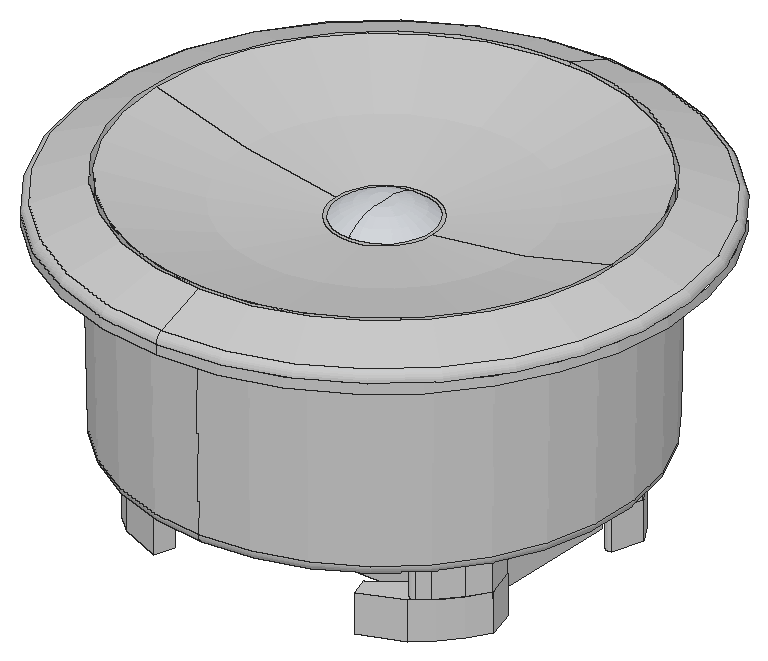
Revit family "Excitech_Delmatic_LightingControlModule_163A1-DaliPresenceDetector", category Electrical Equipment, host Face, Revit 2013
Parameters
  Wattage = "70mW"
  WarrantyStartDate = "n/a"
  WarrantyGuarantorParts = "support@delmatic.com"
  WarrantyGuarantorLabor = "support@delmatic.com"
  WarrantyDurationUnit = "year"
  WarrantyDurationParts = "8"
  WarrantyDurationLabor = "1"
  WarrantyDescription = "Warranty allows for free of charge factory repair or replacement of any parts proving to be faulty provided they have been installed and operated correctly."
  Voltage = "18"
  Version = "4"
  UnitMaterial = ABS Plastic
  Uniclass2 = "Ac-45-65-47"
  Uniclass1 = "G543"
  URL = "http://www.delmatic.com/systems/products/metro-dali-sensors-multisensors"
  Type Comments = "n/a"
  TimeConstant = "Software Configurable"
  TagNumber = "n/a"
  SustainabilityPerformance = "The module is designed to maximise sustainability through the use of modular electronics which enable products to be upgraded with 90% of the unit being re-used."
  Size = "Compact"
  Shape = "Rectangular"
  SerialNumber = "n/a"
  Revision = "3"
  ReplacementCost = "n/a"
  ProductInformation = "http://www.delmatic.com/systems/products/metro-dali-sensors-multisensors"
  NumberOfOpenings = "n/a"
  NumberOfDoors = "n/a"
  NominalWidth = 50 mm
  NominalLength = 50 mm
  NominalHeight = 35 mm
  Name = "Dali Multisensor"
  NBSTypeID = "n/a"
  NBSReference = "70-80-35/110"
  NBSOfficeMasterTag = "n/a"
  NBSNote = "n/a"
  NBSDescription = "Hard wired general lighting system"
  NBSCertification = "n/a"
  MovementSensingType = "Passive Infra Red"
  ModelReference = "Multisensor 164A1"
  ModelNumber = "164A1"
  Model = "163A1, Dali presence detector"
  Material = "Flame retardant ABS enclosure"
  ManufacturerURL = "www.delmatic.com/contact"
  Manufacturer = "Delmatic Lighting Management"
  Mains Type = "Single phase"
  MCB Rating = 10 A
  Keynote = "n/a"
  IsMain = "n/a"
  InstallationDate = "n/a"
  IfcTypeObject = "IfcBuildingElementProxy"
  IfcExportType = "NOTDEFINED"
  IfcExportAs = "IfcElectricDistributionPoint"
  Grade = "n/a"
  Finish = "Moulded enclosure"
  Features = "Ultra low-profile sensor.\r\nUltra-small diameter bezel.\r\nFully-software configurable for time-out period and daylight level thresholds.\r\nSoftware configurable presence or absence detection mode.\r\nIntegral infra-red receiver for remote control. \r\nConnect to Dali Plug-in Module or direct to Dali buswire."
  ExpectedLife = "20"
  DurationUnit = "year"
  Description = "The Dali Multisensor combines presence and absence detection with daylight linking within an ultra-low profile and compact diameter unit.  The multisensor is fully software-configurable and all operating parameters including time-out period, daylight thresholds, etc are configured through graphical Lightscape software."
  Default Elevation = 0 mm
  Constituents = "Modular unit comprises single-fix sensor with spring-clip mountings."
  Color = "RAL 9002"
  CodePerformance = "n/a"
  Category = "Ac-45-65-47"
  CaseWeight = "n/a"
  CaseMaterial = "n/a"
  Bussing = "n/a"
  BarCode = "n/a"
  BIMObjectName = "Excitech_Delmatic_LightingControlModule_DaliPresenceDetector_163A1"
  Author_mtrl = "n/a"
  Author = "Excitech Ltd"
  AssetType = "Fixed"
  AssetIdentifier = "n/a"
  AccessibilityPerformance = "n/a"
Reference planes
  plane 1 "Center (Front/Back)": y = 0
  plane 2: z = 0
  plane 3 "Center (Left/Right)": x = 0
Forms (mm)
  Revolve 1, solid, material "ABS Plastic" <- "UnitMaterial", detail levels medium+fine
    sketch origin (0, 0, -12.052) x (1, 0, 0) y (0, 0, 1)
      loop
        arc (-0.033, 11.785) -> (-11.682, 12.909) -> (-23.05, 15.684) r 81.776
        line (-23.05, 15.684) -> (-23.05, 14.634)
        arc (-23.05, 14.634) -> (-11.678, 11.894) -> (-0.033, 10.784) r 82.776
        line (-0.033, 10.784) -> (-0.033, 11.785)
      axis (0, 15.684) -> (0, 10.784)
    angle from 0 to 360
  Extrusion 2, void
    sketch origin (0, 0, 0) x (1, 0, 0) y (0, 1, 0)
      loop
        circle (0, 0) r 23.907
    from -27.102 to 0
  Extrusion 3, solid, detail levels coarse
    sketch origin (0, 0, 0) x (1, 0, 0) y (0, 1, 0)
      loop
        circle (0, 0) r 28.829
    from 5 to -27.102
  Revolve 4, solid, detail levels medium+fine
    sketch origin (0, 0, 0) x (0, 1, 0) y (0, 0, 1)
      loop
        line (0, 0) -> (0, 1.427)
        arc (0, 1.427) -> (-2.411, 1.163) -> (-4.54, 0) r 6.242
        line (-4.54, 0) -> (0, 0)
      axis (0, 1.427) -> (0, 0)
    angle from 0 to 360
Cuts and joins
  Extrusion 2 cuts Revolve 1
Lines and regions (mm)
  symbolic lines, not visible, detail levels coarse
    curve 1: line (-28.829, 0, 3.632) -> (28.829, 0, 3.632)
    curve 2: line (-28.829, 0, -27.102) -> (-28.829, 0, 3.632)
    curve 3: line (28.829, 0, -27.102) -> (-28.829, 0, -27.102)
    curve 4: line (28.829, 0, 3.632) -> (28.829, 0, -27.102)
  symbolic lines, detail levels medium+fine
    curve 5: circle (0, 0, 0) r 12.593 normal (0, 0, 1)
    curve 6: circle (0, 0, 0) r 9.075 normal (0, 0, 1)
Text (mm)
  text "LINE" at (5781.321, 1122.857, 0), in view "Ref. Level 1to50"
  text "LINE" at (5781.321, 582.857, 0), in view "Ref. Level 1to50"
  text "LINE" at (5781.321, -137.143, 0), in view "Ref. Level 1to50"
  text "LINE" at (5781.321, -617.143, 0), in view "Ref. Level 1to50"
  text "LINE" at (5781.321, -1237.143, 0), in view "Ref. Level 1to50"
  text "LINE" at (5781.321, -1857.143, 0), in view "Ref. Level 1to50"
  text "LINE" at (5781.321, -2597.143, 0), in view "Ref. Level 1to50"
  text "LINE" at (5781.321, -3257.143, 0), in view "Ref. Level 1to50"
Dimensions and locks
  aligned and locked: plane 2 to host face
  aligned and locked: level to host face
Nested families
  nested 1: "Delmatic - Dali Sensor Enclosure" at (0, 0, 0), type "Delmatic - Dali Sensor Enclosure", detail levels medium+fine
Connectors
  electrical at (0, 0, 0)
    settings: index 1, voltage 0 V, apparent load 0 VA, apparent load phase1 0 VA, apparent load phase2 0 VA, apparent load phase3 0 VA, power factor 1, load classification "Other", number of poles 1, system type 30, power factor state 1, is connector primary yes, connector utility no, sub classification motor no, connector description "DALI"
Definition of nested family "Delmatic - Dali Sensor Enclosure"
  Parameters (values of type "Delmatic - Dali Sensor Enclosure")
    WarrantyStartDate = ""
    WarrantyGuarantorParts = ""
    WarrantyGuarantorLabor = ""
    WarrantyDurationUnit = ""
    WarrantyDurationParts = ""
    WarrantyDurationLabor = ""
    WarrantyDescription = ""
    Version = ""
    UnitMaterial = ABS Plastic
    Uniclass2 = ""
    Uniclass1 = ""
    TagNumber = ""
    SustainabilityPerformance = ""
    Size = ""
    Shape = ""
    SerialNumber = ""
    Revision = ""
    ReplacementCost = ""
    ProductInformation = ""
    NominalWidth = 0 mm
    NominalLength = 0 mm
    NominalHeight = 0 mm
    Name = ""
    NBSTypeID = ""
    NBSReference = ""
    NBSOfficeMasterTag = ""
    NBSNote = ""
    NBSDescription = ""
    NBSCertification = ""
    ModelReference = ""
    ModelNumber = ""
    Material = ""
    ManufacturerURL = ""
    Manufacturer = "Capita"
    InstallationDate = ""
    IfcTypeObject = ""
    Grade = ""
    Finish = ""
    Features = ""
    ExpectedLife = ""
    DurationUnit = ""
    Description = "This family was created by Capita"
    Default Elevation = 0 mm
    Constituents = ""
    Color = ""
    CodePerformance = ""
    Category = ""
    BarCode = ""
    BIMObjectName = ""
    Author_mtrl = ""
    Author = ""
    AssetType = ""
    AssetIdentifier = ""
    AccessibilityPerformance = ""
  Reference planes
    plane 1 "Center (Front/Back)": y = 0
    plane 2: z = 0
    plane 3 "Center (Left/Right)": x = 0
  Forms (mm)
    Extrusion 1, solid
      sketch origin (-59.571, 0, 0) x (1, 0, 0) y (0, 1, 0)
        loop
          line (-1219.2, 1219.2) -> (-1219.2, -1219.2) -> (1219.2, -1219.2) -> (1219.2, 1219.2) -> (-1219.2, 1219.2)
      from 0 to -304.8
    Revolve 2, solid, material "ABS Plastic"
      sketch origin (0, 8.399, -27.102) x (0, 1, 0) y (0, 0, 1)
        loop
          line (-37.228, 27.102) -> (-32.306, 27.102) -> (-31.903, 8.483)
          arc (-31.903, 8.483) -> (-31.615, 7.788) -> (-30.92, 7.5) r 0.983
          line (-30.92, 7.5) -> (-8.399, 7.5) -> (-8.399, 9.5) -> (-30.407, 9.5) -> (-31.465, 28.607) -> (-31.84, 30.733) -> (-36.569, 29.007)
          arc (-36.569, 29.007) -> (-37.047, 28.64) -> (-37.228, 28.065) r 1.003
          line (-37.228, 28.065) -> (-37.228, 27.102)
        axis (-8.399, 7.5) -> (-8.399, 30.733)
      angle from 0 to 360
    Extrusion 3, void
      sketch origin (0, 8.399, 0) x (1, 0, 0) y (0, 1, 0)
        loop
          circle (-1.552, -22.283) r 5.568
        loop
          line (-12.186, 1.154) -> (-12.186, -16.746) -> (-3.686, -16.746) -> (-3.686, 1.154) -> (-12.186, 1.154)
      from -21.977 to -5.162
    Extrusion 4, solid, material "ABS Plastic" <- "UnitMaterial"
      sketch origin (0, 2.6, -27.102) x (0, 1, 0) y (0, 0, 1)
        loop
          line (-11.211, 7.5) -> (-11.211, 0) -> (6.312, 0) -> (6.312, 2.429) -> (-8.611, 2.429) -> (-8.611, 7.5) -> (-11.211, 7.5)
      from 4 to 14.93
    Extrusion 5, solid, material "ABS Plastic" <- "UnitMaterial"
      sketch origin (-0.1, -0.46, -27.102) x (0.292372, 0.956305, 0) y (-0.956305, 0.292372, 0)
        loop
          line (-18.263, 4.94) -> (-16.223, 4.94)
          arc (-16.223, 4.94) -> (-14.273, 9.883) -> (-11.043, 14.103) r 19.217
          arc (-11.043, 14.103) -> (-10.827, 14.62) -> (-11.043, 15.138) r 0.727
          line (-11.043, 15.138) -> (-14.036, 15.138)
          arc (-14.036, 15.138) -> (-16.268, 12.432) -> (-17.881, 9.317) r 16.574
          line (-17.881, 9.317) -> (-18.263, 4.94)
      from 0 to 3.735
    Extrusion 6, void, not visible
      sketch origin (2.731, 8.399, 0) x (0, 1, 0) y (0, 0, 1)
        loop
          line (-14.919, 17.55) -> (-14.919, 15.055) -> (-0.908, 15.055) -> (-0.908, 17.55) -> (-14.919, 17.55)
      from -28.477 to 34.689
    Extrusion 7, void, not visible
      sketch origin (2.731, 8.399, 0) x (0, 1, 0) y (0, 0, 1)
        loop
          line (-14.919, 17.55) -> (-14.919, 15.055) -> (-0.908, 15.055) -> (-0.908, 17.55) -> (-14.919, 17.55)
      from -28.477 to 34.689
    Extrusion 8, solid, not visible
      sketch origin (0, 0, 0) x (1, 0, 0) y (0, 1, 0)
        loop
          circle (2.731, 0) r 28.829
      from 0 to 29.624
    Revolve 9, solid, material "ABS Plastic", not visible
      sketch origin (2.731, 8.399, 0) x (0, 1, 0) y (0, 0, 1)
        loop
          line (-37.228, 27.102) -> (-32.306, 27.102) -> (-31.903, 8.483)
          arc (-31.903, 8.483) -> (-31.615, 7.788) -> (-30.92, 7.5) r 0.983
          line (-30.92, 7.5) -> (-8.399, 7.5) -> (-8.399, 9.5) -> (-30.407, 9.5) -> (-31.465, 28.607) -> (-31.84, 30.733) -> (-36.569, 29.007)
          arc (-36.569, 29.007) -> (-37.047, 28.64) -> (-37.228, 28.065) r 1.003
          line (-37.228, 28.065) -> (-37.228, 27.102)
        axis (-8.399, 7.5) -> (-8.399, 30.733)
      angle from 0 to 360
    Extrusion 10, void, not visible
      sketch origin (2.731, 8.399, 0) x (1, 0, 0) y (0, 1, 0)
        loop
          circle (-1.552, -22.283) r 5.568
        loop
          line (-12.186, 1.154) -> (-12.186, -16.746) -> (-3.686, -16.746) -> (-3.686, 1.154) -> (-12.186, 1.154)
      from 0 to 50
    Extrusion 11, void, not visible
      sketch origin (2.731, 8.399, 0) x (0, 1, 0) y (0, 0, 1)
        loop
          line (-14.919, 17.55) -> (-14.919, 15.055) -> (-0.908, 15.055) -> (-0.908, 17.55) -> (-14.919, 17.55)
      from -28.477 to 34.689
    Extrusion 12, solid, not visible
      sketch origin (0, 2.6, 0) x (0, 1, 0) y (0, 0, 1)
        loop
          line (-11.211, 7.5) -> (-11.211, 0) -> (6.312, 0) -> (6.312, 2.429) -> (-8.611, 2.429) -> (-8.611, 7.5) -> (-11.211, 7.5)
      from 4 to 14.93
    Extrusion 13, solid, material "ABS Plastic", not visible
      sketch origin (-0.469, 0.039, 0) x (1, 0, 0) y (0, 1, 0)
        loop
          line (-18.263, -4.94) -> (-17.881, -9.317)
          arc (-17.881, -9.317) -> (-16.553, -11.984) -> (-14.77, -14.371) r 16.574
          arc (-14.77, -14.371) -> (-14.397, -14.765) -> (-14.003, -15.138) r 10.096
          line (-14.003, -15.138) -> (-11.043, -15.138)
          arc (-11.043, -15.138) -> (-10.827, -14.62) -> (-11.043, -14.103) r 0.727
          arc (-11.043, -14.103) -> (-14.273, -9.883) -> (-16.223, -4.94) r 19.217
          line (-16.223, -4.94) -> (-18.263, -4.94)
      from 0 to 3.735
    Extrusion 14, solid, not visible
      sketch origin (-0.469, -0.039, 0) x (1, 0, 0) y (0, 1, 0)
        loop
          line (-18.263, 4.94) -> (-16.223, 4.94)
          arc (-16.223, 4.94) -> (-14.273, 9.883) -> (-11.043, 14.103) r 19.217
          arc (-11.043, 14.103) -> (-10.827, 14.62) -> (-11.043, 15.138) r 0.727
          line (-11.043, 15.138) -> (-14.036, 15.138)
          arc (-14.036, 15.138) -> (-16.268, 12.432) -> (-17.881, 9.317) r 16.574
          line (-17.881, 9.317) -> (-18.263, 4.94)
      from 0 to 3.735
    Extrusion 15, solid, not visible
      sketch origin (-0.469, -0.039, 0) x (1, 0, 0) y (0, 1, 0)
        loop
          line (-18.263, 4.94) -> (-16.223, 4.94)
          arc (-16.223, 4.94) -> (-14.273, 9.883) -> (-11.043, 14.103) r 19.217
          arc (-11.043, 14.103) -> (-10.827, 14.62) -> (-11.043, 15.138) r 0.727
          line (-11.043, 15.138) -> (-14.036, 15.138)
          arc (-14.036, 15.138) -> (-16.268, 12.432) -> (-17.881, 9.317) r 16.574
          line (-17.881, 9.317) -> (-18.263, 4.94)
      from 0 to 3.735
    Extrusion 16, solid, material "ABS Plastic", not visible
      sketch origin (0.418, 0.047, 0) x (1, 0, 0) y (0, 1, 0)
        loop
          arc (-17.811, -9.229) -> (-18.257, -9.485) -> (-18.279, -9.999) r 0.534
          arc (-18.279, -9.999) -> (-18.03, -10.575) -> (-17.723, -11.123) r 6.183
          line (-17.723, -11.123) -> (-15.86, -13.982) -> (-14.864, -15.104) -> (-11.882, -15.104)
          arc (-11.882, -15.104) -> (-11.779, -14.573) -> (-12.005, -14.082) r 0.88
          arc (-12.005, -14.082) -> (-13.924, -11.74) -> (-15.555, -9.189) r 25.834
          line (-15.555, -9.189) -> (-17.811, -9.229)
      from 7.5 to 3.735
    Extrusion 17, solid, material "ABS Plastic", not visible
      sketch origin (6.427, 0.039, 0) x (-1, 0, 0) y (0, -1, 0)
        loop
          line (-18.263, 4.94) -> (-16.223, 4.94)
          arc (-16.223, 4.94) -> (-14.273, 9.883) -> (-11.043, 14.103) r 19.217
          arc (-11.043, 14.103) -> (-10.827, 14.62) -> (-11.043, 15.138) r 0.727
          line (-11.043, 15.138) -> (-14.003, 15.138)
          arc (-14.003, 15.138) -> (-14.397, 14.765) -> (-14.77, 14.371) r 10.096
          arc (-14.77, 14.371) -> (-16.553, 11.984) -> (-17.881, 9.317) r 16.574
          line (-17.881, 9.317) -> (-18.263, 4.94)
      from 0 to 3.735
    Extrusion 18, solid, material "ABS Plastic", not visible
      sketch origin (5.54, 0.047, 0) x (-1, 0, 0) y (0, -1, 0)
        loop
          line (-17.811, 9.229) -> (-15.555, 9.189)
          arc (-15.555, 9.189) -> (-13.924, 11.74) -> (-12.005, 14.082) r 25.834
          arc (-12.005, 14.082) -> (-11.779, 14.573) -> (-11.882, 15.104) r 0.88
          line (-11.882, 15.104) -> (-14.864, 15.104) -> (-15.86, 13.982) -> (-17.723, 11.123)
          arc (-17.723, 11.123) -> (-18.03, 10.575) -> (-18.279, 9.999) r 6.183
          arc (-18.279, 9.999) -> (-18.257, 9.485) -> (-17.811, 9.229) r 0.534
      from 7.5 to 3.735
    Extrusion 19, solid, material "ABS Plastic", not visible
      sketch origin (-0.469, -0.039, 0) x (1, 0, 0) y (0, 1, 0)
        loop
          line (-18.263, 4.94) -> (-16.223, 4.94)
          arc (-16.223, 4.94) -> (-14.273, 9.883) -> (-11.043, 14.103) r 19.217
          arc (-11.043, 14.103) -> (-10.827, 14.62) -> (-11.043, 15.138) r 0.727
          line (-11.043, 15.138) -> (-14.003, 15.138)
          arc (-14.003, 15.138) -> (-14.397, 14.765) -> (-14.77, 14.371) r 10.096
          arc (-14.77, 14.371) -> (-16.553, 11.984) -> (-17.881, 9.317) r 16.574
          line (-17.881, 9.317) -> (-18.263, 4.94)
      from 0 to 3.735
    Extrusion 20, solid, material "ABS Plastic", not visible
      sketch origin (0.418, -0.047, 0) x (1, 0, 0) y (0, 1, 0)
        loop
          line (-17.811, 9.229) -> (-15.555, 9.189)
          arc (-15.555, 9.189) -> (-13.924, 11.74) -> (-12.005, 14.082) r 25.834
          arc (-12.005, 14.082) -> (-11.779, 14.573) -> (-11.882, 15.104) r 0.88
          line (-11.882, 15.104) -> (-14.864, 15.104) -> (-15.86, 13.982) -> (-17.723, 11.123)
          arc (-17.723, 11.123) -> (-18.03, 10.575) -> (-18.279, 9.999) r 6.183
          arc (-18.279, 9.999) -> (-18.257, 9.485) -> (-17.811, 9.229) r 0.534
      from 7.5 to 3.735
    Extrusion 21, solid, material "ABS Plastic", not visible
      sketch origin (6.427, -0.039, 0) x (-1, 0, 0) y (0, -1, 0)
        loop
          line (-18.263, -4.94) -> (-17.881, -9.317)
          arc (-17.881, -9.317) -> (-16.553, -11.984) -> (-14.77, -14.371) r 16.574
          arc (-14.77, -14.371) -> (-14.397, -14.765) -> (-14.003, -15.138) r 10.096
          line (-14.003, -15.138) -> (-11.043, -15.138)
          arc (-11.043, -15.138) -> (-10.827, -14.62) -> (-11.043, -14.103) r 0.727
          arc (-11.043, -14.103) -> (-14.273, -9.883) -> (-16.223, -4.94) r 19.217
          line (-16.223, -4.94) -> (-18.263, -4.94)
      from 0 to 3.735
    Extrusion 22, solid, material "ABS Plastic", not visible
      sketch origin (5.54, -0.047, 0) x (-1, 0, 0) y (0, -1, 0)
        loop
          arc (-17.811, -9.229) -> (-18.257, -9.485) -> (-18.279, -9.999) r 0.534
          arc (-18.279, -9.999) -> (-18.03, -10.575) -> (-17.723, -11.123) r 6.183
          line (-17.723, -11.123) -> (-15.86, -13.982) -> (-14.864, -15.104) -> (-11.882, -15.104)
          arc (-11.882, -15.104) -> (-11.779, -14.573) -> (-12.005, -14.082) r 0.88
          arc (-12.005, -14.082) -> (-13.924, -11.74) -> (-15.555, -9.189) r 25.834
          line (-15.555, -9.189) -> (-17.811, -9.229)
      from 7.5 to 3.735
    Extrusion 23, solid, material "ABS Plastic" <- "UnitMaterial"
      sketch origin (0.017, 0.47, 0) x (0.277351, 0.960769, 0) y (-0.960769, 0.277351, 0)
        loop
          line (-17.811, 9.229) -> (-15.555, 9.189)
          arc (-15.555, 9.189) -> (-13.924, 11.74) -> (-12.005, 14.082) r 25.834
          arc (-12.005, 14.082) -> (-11.779, 14.573) -> (-11.882, 15.104) r 0.88
          line (-11.882, 15.104) -> (-14.724, 15.104) -> (-16.246, 13.389) -> (-17.723, 11.123)
          arc (-17.723, 11.123) -> (-18.03, 10.575) -> (-18.279, 9.999) r 6.183
          arc (-18.279, 9.999) -> (-18.257, 9.485) -> (-17.811, 9.229) r 0.534
      from -19.602 to -23.367
    Extrusion 24, solid, material "ABS Plastic" <- "UnitMaterial"
      sketch origin (0.1, -0.46, -27.102) x (-0.292372, 0.956305, 0) y (-0.956305, -0.292372, 0)
        loop
          line (-18.263, -4.94) -> (-17.881, -9.317)
          arc (-17.881, -9.317) -> (-16.268, -12.432) -> (-14.036, -15.138) r 16.574
          line (-14.036, -15.138) -> (-11.043, -15.138)
          arc (-11.043, -15.138) -> (-10.827, -14.62) -> (-11.043, -14.103) r 0.727
          arc (-11.043, -14.103) -> (-14.273, -9.883) -> (-16.223, -4.94) r 19.217
          line (-16.223, -4.94) -> (-18.263, -4.94)
      from 0 to 3.735
    Extrusion 25, solid, material "ABS Plastic" <- "UnitMaterial"
      sketch origin (-0.017, 0.47, 0) x (-0.277351, 0.960769, 0) y (-0.960769, -0.277351, 0)
        loop
          arc (-17.811, -9.229) -> (-18.257, -9.485) -> (-18.279, -9.999) r 0.534
          arc (-18.279, -9.999) -> (-18.03, -10.575) -> (-17.723, -11.123) r 6.183
          line (-17.723, -11.123) -> (-16.246, -13.389) -> (-14.724, -15.104) -> (-11.882, -15.104)
          arc (-11.882, -15.104) -> (-11.779, -14.573) -> (-12.005, -14.082) r 0.88
          arc (-12.005, -14.082) -> (-13.924, -11.74) -> (-15.555, -9.189) r 25.834
          line (-15.555, -9.189) -> (-17.811, -9.229)
      from -19.602 to -23.994
    Extrusion 26, solid, material "ABS Plastic" <- "UnitMaterial"
      sketch origin (-0.1, 0.46, -27.102) x (0.292372, -0.956305, 0) y (0.956305, 0.292372, 0)
        loop
          line (-18.263, -4.94) -> (-17.881, -9.317)
          arc (-17.881, -9.317) -> (-16.268, -12.432) -> (-14.036, -15.138) r 16.574
          line (-14.036, -15.138) -> (-11.043, -15.138)
          arc (-11.043, -15.138) -> (-10.827, -14.62) -> (-11.043, -14.103) r 0.727
          arc (-11.043, -14.103) -> (-14.273, -9.883) -> (-16.223, -4.94) r 19.217
          line (-16.223, -4.94) -> (-18.263, -4.94)
      from 0 to 3.735
    Extrusion 27, solid, material "ABS Plastic" <- "UnitMaterial"
      sketch origin (0.017, -0.47, 0) x (0.277351, -0.960769, 0) y (0.960769, 0.277351, 0)
        loop
          arc (-17.811, -9.229) -> (-18.257, -9.485) -> (-18.279, -9.999) r 0.534
          arc (-18.279, -9.999) -> (-18.03, -10.575) -> (-17.723, -11.123) r 6.183
          line (-17.723, -11.123) -> (-16.246, -13.389) -> (-14.724, -15.104) -> (-11.882, -15.104)
          arc (-11.882, -15.104) -> (-11.779, -14.573) -> (-12.005, -14.082) r 0.88
          arc (-12.005, -14.082) -> (-13.924, -11.74) -> (-15.555, -9.189) r 25.834
          line (-15.555, -9.189) -> (-17.811, -9.229)
      from -19.602 to -23.367
    Extrusion 28, solid, material "ABS Plastic" <- "UnitMaterial"
      sketch origin (0.1, 0.46, -27.102) x (-0.292372, -0.956305, 0) y (0.956305, -0.292372, 0)
        loop
          line (-18.263, 4.94) -> (-16.223, 4.94)
          arc (-16.223, 4.94) -> (-14.273, 9.883) -> (-11.043, 14.103) r 19.217
          arc (-11.043, 14.103) -> (-10.827, 14.62) -> (-11.043, 15.138) r 0.727
          line (-11.043, 15.138) -> (-14.036, 15.138)
          arc (-14.036, 15.138) -> (-16.268, 12.432) -> (-17.881, 9.317) r 16.574
          line (-17.881, 9.317) -> (-18.263, 4.94)
      from 0 to 3.735
    Extrusion 29, solid, material "ABS Plastic" <- "UnitMaterial"
      sketch origin (-0.017, -0.47, 0) x (-0.277351, -0.960769, 0) y (0.960769, -0.277351, 0)
        loop
          line (-17.811, 9.229) -> (-15.555, 9.189)
          arc (-15.555, 9.189) -> (-13.924, 11.74) -> (-12.005, 14.082) r 25.834
          arc (-12.005, 14.082) -> (-11.779, 14.573) -> (-11.882, 15.104) r 0.88
          line (-11.882, 15.104) -> (-14.724, 15.104) -> (-16.246, 13.389) -> (-17.723, 11.123)
          arc (-17.723, 11.123) -> (-18.03, 10.575) -> (-18.279, 9.999) r 6.183
          arc (-18.279, 9.999) -> (-18.257, 9.485) -> (-17.811, 9.229) r 0.534
      from -19.602 to -23.367
    Revolve 30, solid, material "ABS Plastic", not visible
      sketch origin (0, 8.399, 0) x (0, 1, 0) y (0, 0, 1)
        loop
          line (-37.228, 27.102) -> (-32.306, 27.102) -> (-31.903, 8.483)
          arc (-31.903, 8.483) -> (-31.615, 7.788) -> (-30.92, 7.5) r 0.983
          line (-30.92, 7.5) -> (-8.399, 7.5) -> (-8.399, 9.5) -> (-30.407, 9.5) -> (-31.465, 28.607) -> (-31.84, 30.733) -> (-36.569, 29.007)
          arc (-36.569, 29.007) -> (-37.047, 28.64) -> (-37.228, 28.065) r 1.003
          line (-37.228, 28.065) -> (-37.228, 27.102)
        axis (-8.399, 7.5) -> (-8.399, 30.733)
      angle from 0 to 360
    Extrusion 31, void, not visible
      sketch origin (0, 8.399, 0) x (1, 0, 0) y (0, 1, 0)
        loop
          circle (-1.552, -22.283) r 5.568
        loop
          line (-12.186, 1.154) -> (-12.186, -16.746) -> (-3.686, -16.746) -> (-3.686, 1.154) -> (-12.186, 1.154)
      from 0 to 50
    Extrusion 32, solid, not visible
      sketch origin (0, 2.6, 0) x (0, 1, 0) y (0, 0, 1)
        loop
          line (-11.211, 7.5) -> (-11.211, 0) -> (6.312, 0) -> (6.312, 2.429) -> (-8.611, 2.429) -> (-8.611, 7.5) -> (-11.211, 7.5)
      from 4 to 14.93
    Extrusion 33, solid, not visible
      sketch origin (-0.1, -0.46, 0) x (0.292372, 0.956305, 0) y (-0.956305, 0.292372, 0)
        loop
          line (-18.263, 4.94) -> (-16.223, 4.94)
          arc (-16.223, 4.94) -> (-14.273, 9.883) -> (-11.043, 14.103) r 19.217
          arc (-11.043, 14.103) -> (-10.827, 14.62) -> (-11.043, 15.138) r 0.727
          line (-11.043, 15.138) -> (-14.036, 15.138)
          arc (-14.036, 15.138) -> (-16.268, 12.432) -> (-17.881, 9.317) r 16.574
          line (-17.881, 9.317) -> (-18.263, 4.94)
      from 0 to 3.735
    Extrusion 34, solid, material "ABS Plastic", not visible
      sketch origin (0.017, 0.47, 0) x (0.277351, 0.960769, 0) y (-0.960769, 0.277351, 0)
        loop
          line (-17.811, 9.229) -> (-15.555, 9.189)
          arc (-15.555, 9.189) -> (-13.924, 11.74) -> (-12.005, 14.082) r 25.834
          arc (-12.005, 14.082) -> (-11.779, 14.573) -> (-11.882, 15.104) r 0.88
          line (-11.882, 15.104) -> (-14.724, 15.104) -> (-16.246, 13.389) -> (-17.723, 11.123)
          arc (-17.723, 11.123) -> (-18.03, 10.575) -> (-18.279, 9.999) r 6.183
          arc (-18.279, 9.999) -> (-18.257, 9.485) -> (-17.811, 9.229) r 0.534
      from 7.5 to 3.735
    Extrusion 35, solid, not visible
      sketch origin (0.1, -0.46, 0) x (-0.292372, 0.956305, 0) y (-0.956305, -0.292372, 0)
        loop
          line (-18.263, -4.94) -> (-17.881, -9.317)
          arc (-17.881, -9.317) -> (-16.268, -12.432) -> (-14.036, -15.138) r 16.574
          line (-14.036, -15.138) -> (-11.043, -15.138)
          arc (-11.043, -15.138) -> (-10.827, -14.62) -> (-11.043, -14.103) r 0.727
          arc (-11.043, -14.103) -> (-14.273, -9.883) -> (-16.223, -4.94) r 19.217
          line (-16.223, -4.94) -> (-18.263, -4.94)
      from 0 to 3.735
    Extrusion 36, solid, material "ABS Plastic", not visible
      sketch origin (-0.017, 0.47, 0) x (-0.277351, 0.960769, 0) y (-0.960769, -0.277351, 0)
        loop
          arc (-17.811, -9.229) -> (-18.257, -9.485) -> (-18.279, -9.999) r 0.534
          arc (-18.279, -9.999) -> (-18.03, -10.575) -> (-17.723, -11.123) r 6.183
          line (-17.723, -11.123) -> (-16.246, -13.389) -> (-14.724, -15.104) -> (-11.882, -15.104)
          arc (-11.882, -15.104) -> (-11.779, -14.573) -> (-12.005, -14.082) r 0.88
          arc (-12.005, -14.082) -> (-13.924, -11.74) -> (-15.555, -9.189) r 25.834
          line (-15.555, -9.189) -> (-17.811, -9.229)
      from 7.5 to 3.735
    Extrusion 37, solid, not visible
      sketch origin (-0.1, 0.46, 0) x (0.292372, -0.956305, 0) y (0.956305, 0.292372, 0)
        loop
          line (-18.263, -4.94) -> (-17.881, -9.317)
          arc (-17.881, -9.317) -> (-16.268, -12.432) -> (-14.036, -15.138) r 16.574
          line (-14.036, -15.138) -> (-11.043, -15.138)
          arc (-11.043, -15.138) -> (-10.827, -14.62) -> (-11.043, -14.103) r 0.727
          arc (-11.043, -14.103) -> (-14.273, -9.883) -> (-16.223, -4.94) r 19.217
          line (-16.223, -4.94) -> (-18.263, -4.94)
      from 0 to 3.735
    Extrusion 38, solid, material "ABS Plastic", not visible
      sketch origin (0.017, -0.47, 0) x (0.277351, -0.960769, 0) y (0.960769, 0.277351, 0)
        loop
          arc (-17.811, -9.229) -> (-18.257, -9.485) -> (-18.279, -9.999) r 0.534
          arc (-18.279, -9.999) -> (-18.03, -10.575) -> (-17.723, -11.123) r 6.183
          line (-17.723, -11.123) -> (-16.246, -13.389) -> (-14.724, -15.104) -> (-11.882, -15.104)
          arc (-11.882, -15.104) -> (-11.779, -14.573) -> (-12.005, -14.082) r 0.88
          arc (-12.005, -14.082) -> (-13.924, -11.74) -> (-15.555, -9.189) r 25.834
          line (-15.555, -9.189) -> (-17.811, -9.229)
      from 7.5 to 3.735
    Extrusion 39, solid, not visible
      sketch origin (0.1, 0.46, 0) x (-0.292372, -0.956305, 0) y (0.956305, -0.292372, 0)
        loop
          line (-18.263, 4.94) -> (-16.223, 4.94)
          arc (-16.223, 4.94) -> (-14.273, 9.883) -> (-11.043, 14.103) r 19.217
          arc (-11.043, 14.103) -> (-10.827, 14.62) -> (-11.043, 15.138) r 0.727
          line (-11.043, 15.138) -> (-14.036, 15.138)
          arc (-14.036, 15.138) -> (-16.268, 12.432) -> (-17.881, 9.317) r 16.574
          line (-17.881, 9.317) -> (-18.263, 4.94)
      from 0 to 3.735
    Extrusion 40, solid, material "ABS Plastic", not visible
      sketch origin (-0.017, -0.47, 0) x (-0.277351, -0.960769, 0) y (0.960769, -0.277351, 0)
        loop
          line (-17.811, 9.229) -> (-15.555, 9.189)
          arc (-15.555, 9.189) -> (-13.924, 11.74) -> (-12.005, 14.082) r 25.834
          arc (-12.005, 14.082) -> (-11.779, 14.573) -> (-11.882, 15.104) r 0.88
          line (-11.882, 15.104) -> (-14.724, 15.104) -> (-16.246, 13.389) -> (-17.723, 11.123)
          arc (-17.723, 11.123) -> (-18.03, 10.575) -> (-18.279, 9.999) r 6.183
          arc (-18.279, 9.999) -> (-18.257, 9.485) -> (-17.811, 9.229) r 0.534
      from 7.5 to 3.735
    Revolve 41, solid, material "ABS Plastic", not visible
      sketch origin (0, 8.399, 0) x (0, 1, 0) y (0, 0, 1)
        loop
          line (-37.228, 27.102) -> (-32.306, 27.102) -> (-31.903, 8.483)
          arc (-31.903, 8.483) -> (-31.615, 7.788) -> (-30.92, 7.5) r 0.983
          line (-30.92, 7.5) -> (-8.399, 7.5) -> (-8.399, 9.5) -> (-30.407, 9.5) -> (-31.465, 28.607) -> (-31.84, 30.733) -> (-36.569, 29.007)
          arc (-36.569, 29.007) -> (-37.047, 28.64) -> (-37.228, 28.065) r 1.003
          line (-37.228, 28.065) -> (-37.228, 27.102)
        axis (-8.399, 7.5) -> (-8.399, 30.733)
      angle from 0 to 360
    Extrusion 42, void, not visible
      sketch origin (0, 8.399, 27.102) x (1, 0, 0) y (0, 1, 0)
        loop
          circle (-1.552, -22.283) r 5.568
        loop
          line (-12.186, 1.154) -> (-12.186, -16.746) -> (-3.686, -16.746) -> (-3.686, 1.154) -> (-12.186, 1.154)
      from -21.977 to -5.162
    Extrusion 43, solid, material "ABS Plastic" <- "UnitMaterial", not visible
      sketch origin (0, 2.6, 0) x (0, 1, 0) y (0, 0, 1)
        loop
          line (-11.211, 7.5) -> (-11.211, 0) -> (6.312, 0) -> (6.312, 2.429) -> (-8.611, 2.429) -> (-8.611, 7.5) -> (-11.211, 7.5)
      from 4 to 14.93
    Extrusion 44, solid, material "ABS Plastic" <- "UnitMaterial", not visible
      sketch origin (-0.1, -0.46, 0) x (0.292372, 0.956305, 0) y (-0.956305, 0.292372, 0)
        loop
          line (-18.263, 4.94) -> (-16.223, 4.94)
          arc (-16.223, 4.94) -> (-14.273, 9.883) -> (-11.043, 14.103) r 19.217
          arc (-11.043, 14.103) -> (-10.827, 14.62) -> (-11.043, 15.138) r 0.727
          line (-11.043, 15.138) -> (-14.036, 15.138)
          arc (-14.036, 15.138) -> (-16.268, 12.432) -> (-17.881, 9.317) r 16.574
          line (-17.881, 9.317) -> (-18.263, 4.94)
      from 0 to 3.735
    Extrusion 45, solid, material "ABS Plastic" <- "UnitMaterial", not visible
      sketch origin (0.017, 0.47, 27.102) x (0.277351, 0.960769, 0) y (-0.960769, 0.277351, 0)
        loop
          line (-17.811, 9.229) -> (-15.555, 9.189)
          arc (-15.555, 9.189) -> (-13.924, 11.74) -> (-12.005, 14.082) r 25.834
          arc (-12.005, 14.082) -> (-11.779, 14.573) -> (-11.882, 15.104) r 0.88
          line (-11.882, 15.104) -> (-14.724, 15.104) -> (-16.246, 13.389) -> (-17.723, 11.123)
          arc (-17.723, 11.123) -> (-18.03, 10.575) -> (-18.279, 9.999) r 6.183
          arc (-18.279, 9.999) -> (-18.257, 9.485) -> (-17.811, 9.229) r 0.534
      from -19.602 to -23.367
    Extrusion 46, solid, material "ABS Plastic" <- "UnitMaterial", not visible
      sketch origin (0.1, -0.46, 0) x (-0.292372, 0.956305, 0) y (-0.956305, -0.292372, 0)
        loop
          line (-18.263, -4.94) -> (-17.881, -9.317)
          arc (-17.881, -9.317) -> (-16.268, -12.432) -> (-14.036, -15.138) r 16.574
          line (-14.036, -15.138) -> (-11.043, -15.138)
          arc (-11.043, -15.138) -> (-10.827, -14.62) -> (-11.043, -14.103) r 0.727
          arc (-11.043, -14.103) -> (-14.273, -9.883) -> (-16.223, -4.94) r 19.217
          line (-16.223, -4.94) -> (-18.263, -4.94)
      from 0 to 3.735
    Extrusion 47, solid, material "ABS Plastic" <- "UnitMaterial", not visible
      sketch origin (-0.017, 0.47, 27.102) x (-0.277351, 0.960769, 0) y (-0.960769, -0.277351, 0)
        loop
          arc (-17.811, -9.229) -> (-18.257, -9.485) -> (-18.279, -9.999) r 0.534
          arc (-18.279, -9.999) -> (-18.03, -10.575) -> (-17.723, -11.123) r 6.183
          line (-17.723, -11.123) -> (-16.246, -13.389) -> (-14.724, -15.104) -> (-11.882, -15.104)
          arc (-11.882, -15.104) -> (-11.779, -14.573) -> (-12.005, -14.082) r 0.88
          arc (-12.005, -14.082) -> (-13.924, -11.74) -> (-15.555, -9.189) r 25.834
          line (-15.555, -9.189) -> (-17.811, -9.229)
      from -19.602 to -23.994
    Extrusion 48, solid, material "ABS Plastic" <- "UnitMaterial", not visible
      sketch origin (-0.1, 0.46, 0) x (0.292372, -0.956305, 0) y (0.956305, 0.292372, 0)
        loop
          line (-18.263, -4.94) -> (-17.881, -9.317)
          arc (-17.881, -9.317) -> (-16.268, -12.432) -> (-14.036, -15.138) r 16.574
          line (-14.036, -15.138) -> (-11.043, -15.138)
          arc (-11.043, -15.138) -> (-10.827, -14.62) -> (-11.043, -14.103) r 0.727
          arc (-11.043, -14.103) -> (-14.273, -9.883) -> (-16.223, -4.94) r 19.217
          line (-16.223, -4.94) -> (-18.263, -4.94)
      from 0 to 3.735
    Extrusion 49, solid, material "ABS Plastic" <- "UnitMaterial", not visible
      sketch origin (0.017, -0.47, 27.102) x (0.277351, -0.960769, 0) y (0.960769, 0.277351, 0)
        loop
          arc (-17.811, -9.229) -> (-18.257, -9.485) -> (-18.279, -9.999) r 0.534
          arc (-18.279, -9.999) -> (-18.03, -10.575) -> (-17.723, -11.123) r 6.183
          line (-17.723, -11.123) -> (-16.246, -13.389) -> (-14.724, -15.104) -> (-11.882, -15.104)
          arc (-11.882, -15.104) -> (-11.779, -14.573) -> (-12.005, -14.082) r 0.88
          arc (-12.005, -14.082) -> (-13.924, -11.74) -> (-15.555, -9.189) r 25.834
          line (-15.555, -9.189) -> (-17.811, -9.229)
      from -19.602 to -23.367
    Extrusion 50, solid, material "ABS Plastic" <- "UnitMaterial", not visible
      sketch origin (0.1, 0.46, 0) x (-0.292372, -0.956305, 0) y (0.956305, -0.292372, 0)
        loop
          line (-18.263, 4.94) -> (-16.223, 4.94)
          arc (-16.223, 4.94) -> (-14.273, 9.883) -> (-11.043, 14.103) r 19.217
          arc (-11.043, 14.103) -> (-10.827, 14.62) -> (-11.043, 15.138) r 0.727
          line (-11.043, 15.138) -> (-14.036, 15.138)
          arc (-14.036, 15.138) -> (-16.268, 12.432) -> (-17.881, 9.317) r 16.574
          line (-17.881, 9.317) -> (-18.263, 4.94)
      from 0 to 3.735
    Extrusion 51, solid, material "ABS Plastic" <- "UnitMaterial", not visible
      sketch origin (-0.017, -0.47, 27.102) x (-0.277351, -0.960769, 0) y (0.960769, -0.277351, 0)
        loop
          line (-17.811, 9.229) -> (-15.555, 9.189)
          arc (-15.555, 9.189) -> (-13.924, 11.74) -> (-12.005, 14.082) r 25.834
          arc (-12.005, 14.082) -> (-11.779, 14.573) -> (-11.882, 15.104) r 0.88
          line (-11.882, 15.104) -> (-14.724, 15.104) -> (-16.246, 13.389) -> (-17.723, 11.123)
          arc (-17.723, 11.123) -> (-18.03, 10.575) -> (-18.279, 9.999) r 6.183
          arc (-18.279, 9.999) -> (-18.257, 9.485) -> (-17.811, 9.229) r 0.534
      from -19.602 to -23.367
  Cuts and joins
    Extrusion 3 cuts Revolve 2
  Lines and regions (mm)
    symbolic lines, not visible, detail levels coarse
      curve 1: line (0, -28.829, 30.733) -> (0, 28.829, 30.733)
      curve 2: line (0, -28.829, 0) -> (0, -28.829, 30.733)
      curve 3: line (0, 28.829, 0) -> (0, -28.829, 0)
      curve 4: line (0, 28.829, 30.733) -> (0, 28.829, 0)
      curve 38: line (-26.096, 0, 0) -> (-26.096, 0, 30.733)
      curve 106: circle (2.731, 0, 0) r 28.829 normal (0, 0, 1)
    symbolic lines, not visible
      curve 5: line (0, -23.441, 30.733) -> (0, -28.139, 29.023)
      curve 6: arc (0, -28.139, 29.023) -> (0, -28.629, 28.654) -> (0, -28.829, 28.074) r 1.049
      curve 7: line (0, -28.829, 28.074) -> (0, -28.829, 27.102)
      curve 9: line (0, -23.907, 27.102) -> (0, -23.504, 8.483)
      curve 10: arc (0, -23.504, 8.483) -> (0, -23.272, 7.867) -> (0, -22.706, 7.532) r 0.991
      curve 11: line (0, -22.706, 7.532) -> (0, -15.063, 7.532)
      curve 12: line (0, -15.063, 7.532) -> (0, -15.063, -0.012)
      curve 13: line (0, -15.063, -0.012) -> (0, 15.058, -0.012)
      curve 14: line (0, 15.058, -0.012) -> (0, 15.058, 7.5)
      curve 15: line (0, 15.058, 7.5) -> (0, 22.748, 7.5)
      curve 16: arc (0, 22.748, 7.5) -> (0, 23.26, 7.877) -> (0, 23.455, 8.483) r 1.036
      curve 17: line (0, 23.455, 8.483) -> (0, 23.907, 27.102)
      curve 18: line (0, 23.907, 27.102) -> (0, 28.829, 27.102)
      curve 19: line (0, 28.829, 27.102) -> (0, 28.829, 28.215)
      curve 20: arc (0, 28.829, 28.215) -> (0, 28.697, 28.632) -> (0, 28.35, 28.898) r 0.727
      curve 21: line (0, 28.35, 28.898) -> (0, 23.307, 30.733)
      curve 22: line (0, 23.307, 30.733) -> (0, 23.066, 28.607)
      curve 23: line (0, 23.066, 28.607) -> (0, -23.066, 28.607)
      curve 24: line (0, -23.066, 28.607) -> (0, -23.441, 30.733)
      curve 25: line (0, -6.52, 15.055) -> (0, 7.491, 15.055)
      curve 26: line (0, -6.011, 7.529) -> (0, -6.011, 3.735)
      curve 27: line (0, -6.011, 3.735) -> (0, -4.901, 3.735)
      curve 28: line (0, -4.901, 3.735) -> (0, -4.901, 2.429)
      curve 29: line (0, -4.901, 2.429) -> (0, 4.901, 2.429)
      curve 30: line (0, 4.901, 2.429) -> (0, 4.901, 3.735)
      curve 31: line (0, 4.901, 3.735) -> (0, 9.143, 3.735)
      curve 32: line (0, 9.143, 3.735) -> (0, 9.143, 7.529)
      curve 33: line (0, 9.143, 7.529) -> (0, -6.011, 7.529)
      curve 34: line (0, -6.52, 17.55) -> (0, -6.52, 15.055)
      curve 35: line (0, 7.491, 15.055) -> (0, 7.491, 17.55)
      curve 36: line (0, 7.491, 17.55) -> (0, -6.52, 17.55)
      curve 37: line (-26.096, 0, 30.733) -> (31.675, 0, 30.733)
      curve 39: line (31.675, 0, 0) -> (-26.096, 0, 0)
      curve 40: line (31.675, 0, 30.733) -> (31.675, 0, 0)
      curve 69: line (0, -23.441, 30.733) -> (0, -28.139, 29.023)
      curve 70: arc (0, -28.139, 29.023) -> (0, -28.629, 28.654) -> (0, -28.829, 28.074) r 1.049
      curve 71: line (0, -28.829, 28.074) -> (0, -28.829, 27.102)
      curve 73: line (0, -23.907, 27.102) -> (0, -23.504, 8.483)
      curve 74: arc (0, -23.504, 8.483) -> (0, -23.272, 7.867) -> (0, -22.706, 7.532) r 0.991
      curve 75: line (0, -22.706, 7.532) -> (0, -15.063, 7.532)
      curve 76: line (0, -15.063, 7.532) -> (0, -15.063, -0.012)
      curve 77: line (0, -15.063, -0.012) -> (0, 15.058, -0.012)
      curve 78: line (0, 15.058, -0.012) -> (0, 15.058, 7.5)
      curve 79: line (0, 15.058, 7.5) -> (0, 22.748, 7.5)
      curve 80: arc (0, 22.748, 7.5) -> (0, 23.26, 7.877) -> (0, 23.455, 8.483) r 1.036
      curve 81: line (0, 23.455, 8.483) -> (0, 23.907, 27.102)
      curve 82: line (0, 23.907, 27.102) -> (0, 28.829, 27.102)
      curve 83: line (0, 28.829, 27.102) -> (0, 28.829, 28.215)
      curve 84: arc (0, 28.829, 28.215) -> (0, 28.697, 28.632) -> (0, 28.35, 28.898) r 0.727
      curve 85: line (0, 28.35, 28.898) -> (0, 23.307, 30.733)
      curve 86: line (0, 23.307, 30.733) -> (0, 23.066, 28.607)
      curve 87: line (0, 23.066, 28.607) -> (0, -23.066, 28.607)
      curve 88: line (0, -23.066, 28.607) -> (0, -23.441, 30.733)
      curve 89: line (0, -6.011, 7.529) -> (0, -6.011, 3.735)
      curve 90: line (0, -6.011, 3.735) -> (0, -4.901, 3.735)
      curve 91: line (0, -4.901, 3.735) -> (0, -4.901, 2.429)
      curve 92: line (0, -4.901, 2.429) -> (0, 4.901, 2.429)
      curve 93: line (0, 4.901, 2.429) -> (0, 4.901, 3.735)
      curve 94: line (0, 4.901, 3.735) -> (0, 9.143, 3.735)
      curve 95: line (0, 9.143, 3.735) -> (0, 9.143, 7.529)
      curve 96: line (0, 9.143, 7.529) -> (0, -6.011, 7.529)
      curve 97: line (0, -6.52, 17.55) -> (0, -6.52, 15.055)
      curve 98: line (0, -6.52, 15.055) -> (0, 7.491, 15.055)
      curve 99: line (0, 7.491, 15.055) -> (0, 7.491, 17.55)
      curve 100: line (0, 7.491, 17.55) -> (0, -6.52, 17.55)
      curve 131: line (0, -23.441, 30.733) -> (0, -28.139, 29.023)
      curve 132: arc (0, -28.139, 29.023) -> (0, -28.629, 28.654) -> (0, -28.829, 28.074) r 1.049
      curve 133: line (0, -28.829, 28.074) -> (0, -28.829, 27.102)
      curve 135: line (0, -23.907, 27.102) -> (0, -23.504, 8.483)
      curve 136: arc (0, -23.504, 8.483) -> (0, -23.272, 7.867) -> (0, -22.706, 7.532) r 0.991
      curve 137: line (0, -22.706, 7.532) -> (0, -15.063, 7.532)
      curve 138: line (0, -15.063, 7.532) -> (0, -15.063, -0.012)
      curve 139: line (0, -15.063, -0.012) -> (0, 15.058, -0.012)
      curve 140: line (0, 15.058, -0.012) -> (0, 15.058, 7.5)
      curve 141: line (0, 15.058, 7.5) -> (0, 22.748, 7.5)
      curve 142: arc (0, 22.748, 7.5) -> (0, 23.26, 7.877) -> (0, 23.455, 8.483) r 1.036
      curve 143: line (0, 23.455, 8.483) -> (0, 23.907, 27.102)
      curve 144: line (0, 23.907, 27.102) -> (0, 28.829, 27.102)
      curve 145: line (0, 28.829, 27.102) -> (0, 28.829, 28.215)
      curve 146: arc (0, 28.829, 28.215) -> (0, 28.697, 28.632) -> (0, 28.35, 28.898) r 0.727
      curve 147: line (0, 28.35, 28.898) -> (0, 23.307, 30.733)
      curve 148: line (0, 23.307, 30.733) -> (0, 23.066, 28.607)
      curve 149: line (0, 23.066, 28.607) -> (0, -23.066, 28.607)
      curve 150: line (0, -23.066, 28.607) -> (0, -23.441, 30.733)
      curve 151: line (0, -6.011, 7.529) -> (0, -6.011, 3.735)
      curve 152: line (0, -6.011, 3.735) -> (0, -4.901, 3.735)
      curve 153: line (0, -4.901, 3.735) -> (0, -4.901, 2.429)
      curve 154: line (0, -4.901, 2.429) -> (0, 4.901, 2.429)
      curve 155: line (0, 4.901, 2.429) -> (0, 4.901, 3.735)
      curve 156: line (0, 4.901, 3.735) -> (0, 9.143, 3.735)
      curve 157: line (0, 9.143, 3.735) -> (0, 9.143, 7.529)
      curve 158: line (0, 9.143, 7.529) -> (0, -6.011, 7.529)
      curve 159: line (0, -6.52, 17.55) -> (0, -6.52, 15.055)
      curve 160: line (0, -6.52, 15.055) -> (0, 7.491, 15.055)
      curve 161: line (0, 7.491, 15.055) -> (0, 7.491, 17.55)
      curve 162: line (0, 7.491, 17.55) -> (0, -6.52, 17.55)
    symbolic lines, not visible, detail levels medium+fine
      curve 8: line (0, -28.829, 27.102) -> (0, -23.907, 27.102)
      curve 41: line (-20.709, 0, 30.733) -> (-25.408, 0, 29.023)
      curve 42: arc (-25.408, 0, 29.023) -> (-25.887, 0, 28.669) -> (-26.096, 0, 28.11) r 1.05
      curve 43: line (-26.096, 0, 28.11) -> (-26.096, 0, 27.092)
      curve 44: line (-26.096, 0, 27.092) -> (-21.196, 0, 27.092)
      curve 45: line (-21.196, 0, 27.092) -> (-20.772, 0, 8.483)
      curve 46: arc (-20.772, 0, 8.483) -> (-20.49, 0, 7.801) -> (-19.808, 0, 7.519) r 0.964
      curve 47: line (-19.808, 0, 7.519) -> (-17.937, 0, 7.519)
      curve 48: line (-17.937, 0, 7.519) -> (-17.937, 0, 3.735)
      curve 49: line (-17.937, 0, 3.735) -> (-18.732, 0, 3.735)
      curve 50: line (-18.732, 0, 3.735) -> (-18.732, 0, 0)
      curve 51: line (-18.732, 0, 0) -> (24.69, 0, 0)
      curve 52: line (24.69, 0, 0) -> (24.69, 0, 3.735)
      curve 53: line (24.69, 0, 3.735) -> (23.875, 0, 3.735)
      curve 54: line (23.875, 0, 3.735) -> (23.875, 0, 7.495)
      curve 55: line (23.875, 0, 7.495) -> (25.448, 0, 7.495)
      curve 56: arc (25.448, 0, 7.495) -> (26.079, 0, 7.799) -> (26.235, 0, 8.483) r 0.807
      curve 57: line (26.235, 0, 8.483) -> (26.638, 0, 27.102)
      curve 58: line (26.638, 0, 27.102) -> (31.564, 0, 27.102)
      curve 59: line (31.564, 0, 27.102) -> (31.564, 0, 28.116)
      curve 60: arc (31.564, 0, 28.116) -> (31.407, 0, 28.612) -> (30.995, 0, 28.928) r 0.865
      curve 61: line (30.995, 0, 28.928) -> (26.035, 0, 30.733)
      curve 62: line (26.035, 0, 30.733) -> (25.797, 0, 28.607)
      curve 63: line (25.797, 0, 28.607) -> (-20.334, 0, 28.607)
      curve 64: line (-20.334, 0, 28.607) -> (-20.709, 0, 30.733)
      curve 65: line (4, 0, 7.5) -> (14.93, 0, 7.5)
      curve 66: line (4, 0, 2.429) -> (4, 0, 7.5)
      curve 67: line (14.93, 0, 2.429) -> (4, 0, 2.429)
      curve 68: line (14.93, 0, 7.5) -> (14.93, 0, 2.429)
      curve 72: line (0, -28.829, 27.102) -> (0, -23.907, 27.102)
      curve 101: line (-20.979, 0, 17.55) -> (-19.738, 0, 17.55)
      curve 102: line (-20.856, 0, 15.055) -> (-19.59, 0, 15.055)
      curve 103: line (25.256, 0, 17.55) -> (26.432, 0, 17.55)
      curve 104: line (25.059, 0, 15.055) -> (26.377, 0, 15.055)
      curve 119: circle (2.731, 0, 0) r 28.829 normal (0, 0, 1)
      curve 120: circle (2.731, 0, 0) r 23.907 normal (0, 0, 1)
      curve 121: circle (2.731, 0, 0) r 22.008 normal (0, 0, 1)
      curve 122: circle (1.139, -13.908, 0) r 5.527 normal (0, 0, 1)
      curve 123: line (-9.455, 9.553, 0) -> (-0.955, 9.553, 0)
      curve 124: line (-9.455, -8.347, 0) -> (-9.455, 9.553, 0)
      curve 125: line (-0.955, -8.347, 0) -> (-9.455, -8.347, 0)
      curve 126: line (-0.955, 9.553, 0) -> (-0.955, -8.347, 0)
      curve 127: line (4, 8.912, 0) -> (14.93, 8.912, 0)
      curve 128: line (4, -8.611, 0) -> (4, 8.912, 0)
      curve 129: line (14.93, -8.611, 0) -> (4, -8.611, 0)
      curve 130: line (14.93, 8.912, 0) -> (14.93, -8.611, 0)
      curve 134: line (0, -28.829, 27.102) -> (0, -23.907, 27.102)
      curve 163: line (-20.709, 0, 30.733) -> (-25.408, 0, 29.023)
      curve 164: arc (-25.408, 0, 29.023) -> (-25.887, 0, 28.669) -> (-26.096, 0, 28.11) r 1.05
      curve 165: line (-26.096, 0, 28.11) -> (-26.096, 0, 27.092)
      curve 166: line (-26.096, 0, 27.092) -> (-21.196, 0, 27.092)
      curve 167: line (-21.196, 0, 27.092) -> (-20.772, 0, 8.483)
      curve 168: arc (-20.772, 0, 8.483) -> (-20.49, 0, 7.801) -> (-19.808, 0, 7.519) r 0.964
      curve 169: line (-19.808, 0, 7.519) -> (-17.937, 0, 7.519)
      curve 170: line (-17.937, 0, 7.519) -> (-17.937, 0, 3.735)
      curve 171: line (-17.937, 0, 3.735) -> (-18.732, 0, 3.735)
      curve 172: line (-18.732, 0, 3.735) -> (-18.732, 0, 0)
      curve 173: line (-18.732, 0, 0) -> (24.69, 0, 0)
      curve 174: line (24.69, 0, 0) -> (24.69, 0, 3.735)
      curve 175: line (24.69, 0, 3.735) -> (23.875, 0, 3.735)
      curve 176: line (23.875, 0, 3.735) -> (23.875, 0, 7.495)
      curve 177: line (23.875, 0, 7.495) -> (25.448, 0, 7.495)
      curve 178: arc (25.448, 0, 7.495) -> (26.079, 0, 7.799) -> (26.235, 0, 8.483) r 0.807
      curve 179: line (26.235, 0, 8.483) -> (26.638, 0, 27.102)
      curve 180: line (26.638, 0, 27.102) -> (31.564, 0, 27.102)
      curve 181: line (31.564, 0, 27.102) -> (31.564, 0, 28.116)
      curve 182: arc (31.564, 0, 28.116) -> (31.407, 0, 28.612) -> (30.995, 0, 28.928) r 0.865
      curve 183: line (30.995, 0, 28.928) -> (26.035, 0, 30.733)
      curve 184: line (26.035, 0, 30.733) -> (25.797, 0, 28.607)
      curve 185: line (25.797, 0, 28.607) -> (-20.334, 0, 28.607)
      curve 186: line (-20.334, 0, 28.607) -> (-20.709, 0, 30.733)
      curve 187: line (4, 0, 7.5) -> (14.93, 0, 7.5)
      curve 188: line (4, 0, 2.429) -> (4, 0, 7.5)
      curve 189: line (14.93, 0, 2.429) -> (4, 0, 2.429)
      curve 190: line (14.93, 0, 7.5) -> (14.93, 0, 2.429)
      curve 191: line (-20.979, 0, 17.55) -> (-19.738, 0, 17.55)
      curve 192: line (-20.856, 0, 15.055) -> (-19.59, 0, 15.055)
      curve 193: line (25.256, 0, 17.55) -> (26.432, 0, 17.55)
      curve 194: line (25.059, 0, 15.055) -> (26.377, 0, 15.055)
    symbolic lines, detail levels coarse
      curve 105: circle (0, 0, 0) r 28.829 normal (0, 0, 1)
    symbolic lines, detail levels medium+fine
      curve 107: circle (0, 0, 0) r 28.829 normal (0, 0, 1)
      curve 108: circle (0, 0, 0) r 23.907 normal (0, 0, 1)
      curve 109: circle (0, 0, 0) r 22.008 normal (0, 0, 1)
      curve 110: circle (-1.593, -13.908, 0) r 5.527 normal (0, 0, 1)
      curve 111: line (-12.186, 9.553, 0) -> (-3.686, 9.553, 0)
      curve 112: line (-12.186, -8.347, 0) -> (-12.186, 9.553, 0)
      curve 113: line (-3.686, -8.347, 0) -> (-12.186, -8.347, 0)
      curve 114: line (-3.686, 9.553, 0) -> (-3.686, -8.347, 0)
      curve 115: line (1.269, 8.912, 0) -> (12.199, 8.912, 0)
      curve 116: line (1.269, -8.611, 0) -> (1.269, 8.912, 0)
      curve 117: line (12.199, -8.611, 0) -> (1.269, -8.611, 0)
      curve 118: line (12.199, 8.912, 0) -> (12.199, -8.611, 0)
  Text (mm)
    text "LINE" at (5781.321, 1122.857, 0), in view "Ref. Level 1to50"
    text "LINE" at (5781.321, 582.857, 0), in view "Ref. Level 1to50"
    text "LINE" at (5781.321, -137.143, 0), in view "Ref. Level 1to50"
    text "LINE" at (5781.321, -617.143, 0), in view "Ref. Level 1to50"
    text "LINE" at (5781.321, -1237.143, 0), in view "Ref. Level 1to50"
    text "LINE" at (5781.321, -1857.143, 0), in view "Ref. Level 1to50"
    text "LINE" at (5781.321, -2597.143, 0), in view "Ref. Level 1to50"
    text "LINE" at (5781.321, -3257.143, 0), in view "Ref. Level 1to50"
  Dimensions and locks
    aligned and locked: plane 2 to Extrusion 1
    aligned and locked: level to Extrusion 1
